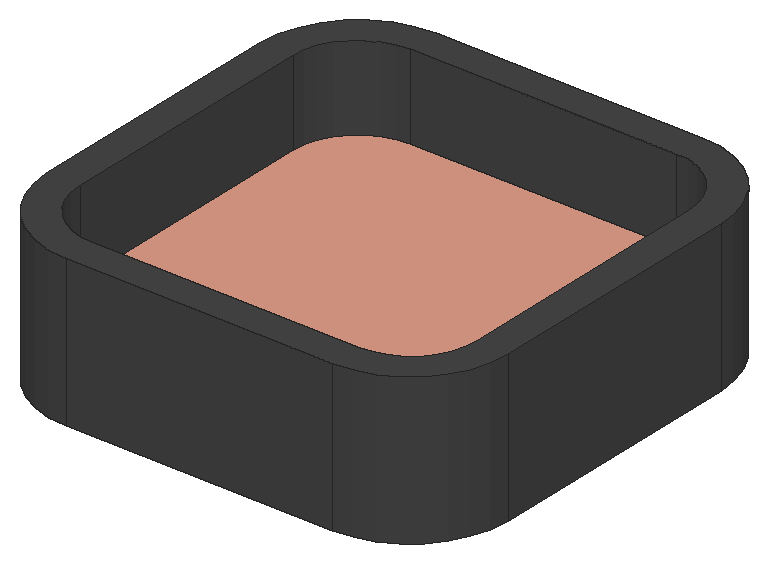
Revit family "VISS SQUARE LED LIGHT", category Lighting Fixtures, host Face, Revit 2020
Family settings
  Host = Face
  Round Connector Dimension = Use Diameter
  Part Type = Normal
  Cut with Voids When Loaded = No
  Light Source = Yes
  Shared = No
  Room Calculation Point = No
Parameters (values of type "VSI-S-LA-1514-30901-SMK-BK-NSAC-021 130")
  Wattage Comments = "15 W"
  Wattage = 7.06871 W
  built-in parameter 1150110 = 1 (stored number, unit not read)
  Voltage = "120-277 V"  # constant formula
  URL = "https://www.abovealllighting.com/Product/LED-INDOOR-FIXTURE/Pendant/VISSSQUARELEDLIGHT.html"
  Type Comments = "VISS SQUARE LED LIGHT"  # constant formula
  built-in parameter 1114217 = 1 (stored number, unit not read)
  Tilt Angle = -90.00°
  built-in parameter 1150109 = 1 (stored number, unit not read)
  built-in parameter 1150134 = (empty or 0)
  Surface Mount = yes
  built-in parameter 1150113 = 1 (stored number, unit not read)
  Surface Acoustic Body = yes
  Power Factor = 1  # constant formula
  Photometric Web File = "generic"
  Order number = "17645"
  built-in parameter 1150142 = (empty or 0)
  Model = "VSI-S-LA-1514-30901-SMK-BK-NSAC-021 130"
  Manufacturer = "Above All Lighting"  # constant formula
  built-in parameter 1150105 = 83.556 (stored number, unit not read)
  Lumens = 1050 lm
  built-in parameter 1150115 = 1 (stored number, unit not read)
  Load Classification = Lighting
  built-in parameter 1150137 = (empty or 0)
  built-in parameter 1150139 = (empty or 0)
  built-in parameter 1150112 = 1 (stored number, unit not read)
  built-in parameter 1150114 = 1 (stored number, unit not read)
  built-in parameter 1150132 = 2
  built-in parameter 1150102 = (empty or 0)
  built-in parameter 1150107 = 3000 (stored number, unit not read)
  built-in parameter 1150138 = (empty or 0)
  built-in parameter 1150106 = 0.83556 (stored number, unit not read)
  IP Rating = "20"  # constant formula
  H1 = sqrt((B2 ^ 2) + (Fixture Height ^ 2))  # 4' - 11.08136"
  Fixture Width = 1' - 2 51/256"
  Fixture Height = 4' - 11"
  Finish/Color = Black
  built-in parameter 1150104 = 13.8 (stored number, unit not read)
  Dimming Lamp Color Temperature Shift = <None>
  Dimming / Control = "0-10V"  # constant formula
  Description = "The Viss Series has an unique square and round style with an LED light source illuminating its inner surface."  # constant formula
  Default Elevation = 0' - 0"
  Color Filter = 16777215
  CRI = "90"  # constant formula
  built-in parameter 1114218 = 1 (stored number, unit not read)
  B2 = B1 - B  # 0' - 3.09961"
  B1 = (Fixture Width / 2) - 0' 0 1/2"  # 0' - 6.59961"
  B = 0' - 3 1/2"
  Average life based on 77F(HRS) = "50000"  # constant formula
  built-in parameter 1150133 = 10 (stored number, unit not read)
  Apparent Load = 18.75 VA
  Aircraft Cable Pendant Mount = no
  Acoustic Body = no
  Acoustic = Acoustic -130
Reference planes (in)
  plane 1 "Center (Front/Back)": y = 0
  plane 2: z = 0
  plane 3 "Center (Left/Right)": x = 0
  plane 4: z = 61
  plane 5: z = 64.5
  plane 6: z = 2
  plane 7: x = -3.5
  plane 8: x = -6.59961
  plane 9: x = 6.59961
  plane 10: x = 3.5
  plane 11: y = 6.59961
  plane 12: y = 3.5
  plane 13: y = -3.5
  plane 14: y = -6.59961
  plane 15: x = -7.09961
  plane 16: x = 7.09961
  plane 17: y = 7.09961
  plane 18: y = -7.09961
  plane 19: z = 4.6
Forms (in)
  Revolve 1, solid, material "Black" <- "Finish/Color", visible <- "Aircraft Cable Pendant Mount"
    sketch origin (0, 0, 0) x (1, 0, 0) y (0, 0, 1)
      loop
        line (0, 2) -> (-5, 2) -> (-5, 1.75) -> (-4.25, 1.75) -> (-4.25, 0) -> (-4, 0) -> (-4, 1.75) -> (0, 1.75) -> (0, 2)
      axis (0, 0) -> (0, 2)
    angle from 0 to 360
  Extrusion 2, void
    sketch origin (0, 0, 0) x (1, 0, 0) y (0, 0, 1)
      loop
        line (-0.04814, 0) -> (0.04814, 0) -> (0.04814, 0.24293) -> (-0.25396, 0.24293) -> (-0.25396, 0.1315) -> (-0.04814, 0.1315) -> (-0.04814, 0)
    from -4.57376 to 4.56585
  Extrusion 3, void
    sketch origin (-0.10686, -0.09896, 0) x (0, -1, 0) y (0, 0, 1)
      loop
        line (-0.04814, 0) -> (0.04814, 0) -> (0.04814, 0.24293) -> (-0.25396, 0.24293) -> (-0.25396, 0.1315) -> (-0.04814, 0.1315) -> (-0.04814, 0)
    from -4.57376 to 4.56585
  Extrusion 4, void
    sketch origin (0, 0, 0) x (1, 0, 0) y (0, 0, 1)
      loop
        arc (2.35724, 1.64379) -> (2.31993, 1.62833) -> (2.30447, 1.59102) r 0.05276
        line (2.30447, 1.59102) -> (2.30447, 1.19847)
        arc (2.30447, 1.19847) -> (2.32049, 1.1598) -> (2.35916, 1.14379) r 0.05469
        line (2.35916, 1.14379) -> (2.39167, 1.14379)
        arc (2.39167, 1.14379) -> (2.429, 1.15925) -> (2.44446, 1.19658) r 0.0528
        line (2.44446, 1.19658) -> (2.44446, 1.59043)
        arc (2.44446, 1.59043) -> (2.42884, 1.62816) -> (2.39111, 1.64379) r 0.05336
        line (2.39111, 1.64379) -> (2.35724, 1.64379)
      loop
        arc (2.57599, 1.64379) -> (2.53868, 1.62833) -> (2.52322, 1.59102) r 0.05276
        line (2.52322, 1.59102) -> (2.52322, 1.19847)
        arc (2.52322, 1.19847) -> (2.53924, 1.1598) -> (2.57791, 1.14379) r 0.05469
        line (2.57791, 1.14379) -> (2.61042, 1.14379)
        arc (2.61042, 1.14379) -> (2.64775, 1.15925) -> (2.66321, 1.19658) r 0.0528
        line (2.66321, 1.19658) -> (2.66321, 1.59043)
        arc (2.66321, 1.59043) -> (2.64759, 1.62816) -> (2.60986, 1.64379) r 0.05336
        line (2.60986, 1.64379) -> (2.57599, 1.64379)
      loop
        arc (2.79474, 1.64379) -> (2.75743, 1.62833) -> (2.74197, 1.59102) r 0.05276
        line (2.74197, 1.59102) -> (2.74197, 1.19847)
        arc (2.74197, 1.19847) -> (2.75799, 1.1598) -> (2.79666, 1.14379) r 0.05469
        line (2.79666, 1.14379) -> (2.82917, 1.14379)
        arc (2.82917, 1.14379) -> (2.8665, 1.15925) -> (2.88196, 1.19658) r 0.0528
        line (2.88196, 1.19658) -> (2.88196, 1.59043)
        arc (2.88196, 1.59043) -> (2.86634, 1.62816) -> (2.82861, 1.64379) r 0.05336
        line (2.82861, 1.64379) -> (2.79474, 1.64379)
      loop
        arc (3.0213, 1.64379) -> (2.98399, 1.62833) -> (2.96854, 1.59102) r 0.05276
        line (2.96854, 1.59102) -> (2.96854, 1.19847)
        arc (2.96854, 1.19847) -> (2.98455, 1.1598) -> (3.02322, 1.14379) r 0.05469
        line (3.02322, 1.14379) -> (3.05573, 1.14379)
        arc (3.05573, 1.14379) -> (3.09306, 1.15925) -> (3.10853, 1.19658) r 0.0528
        line (3.10853, 1.19658) -> (3.10853, 1.59043)
        arc (3.10853, 1.59043) -> (3.0929, 1.62816) -> (3.05517, 1.64379) r 0.05336
        line (3.05517, 1.64379) -> (3.0213, 1.64379)
    from 2.08517 to 3.80277
  Sweep 5, solid, material "Black" <- "Finish/Color", visible <- "Aircraft Cable Pendant Mount"
    path origin (0, 0, 0) x (1, 0, 0) y (0, 0, 1)
      loop
        line (-6.59961, 61) -> (-3.5, 2)
    profile origin (-5.0498, 0, 31.5) x (0.998623, 0, 0.052463) y (0, -1, 0)
      loop
        circle (0, 0) r 0.125
  Sweep 6, solid, material "Black" <- "Finish/Color", visible <- "Aircraft Cable Pendant Mount"
    path origin (0, 0, 0) x (0, -1, 0) y (0, 0, 1)
      loop
        line (-6.59961, 61) -> (-3.5, 2)
    profile origin (0, 5.0498, 31.5) x (0, -0.998623, 0.052463) y (-1, 0, 0)
      loop
        circle (0, 0) r 0.125
  Sweep 7, solid, material "Black" <- "Finish/Color", visible <- "Aircraft Cable Pendant Mount"
    path origin (0, 0, 0) x (-1, 0, 0) y (0, 0, 1)
      loop
        line (-6.59961, 61) -> (-3.5, 2)
    profile origin (5.0498, 0, 31.5) x (-0.998623, 0, 0.052463) y (0, 1, 0)
      loop
        circle (0, 0) r 0.125
  Sweep 8, solid, material "Black" <- "Finish/Color", visible <- "Aircraft Cable Pendant Mount"
    path origin (0, 0, 0) x (0, 1, 0) y (0, 0, 1)
      loop
        line (-6.59961, 61) -> (-3.5, 2)
    profile origin (0, -5.0498, 31.5) x (0, 0.998623, 0.052463) y (1, 0, 0)
      loop
        circle (0, 0) r 0.125
  Extrusion 9, solid, material "Black" <- "Finish/Color", visible <- "Aircraft Cable Pendant Mount"
    sketch origin (0, 0, 0) x (1, 0, 0) y (0, 1, 0)
      loop
        line (4.1, 7.09961) -> (-4.1, 7.09961)
        arc (-4.1, 7.09961) -> (-6.22104, 6.22104) -> (-7.09961, 4.1) r 2.99961
        line (-7.09961, 4.1) -> (-7.09961, -4.1)
        arc (-7.09961, -4.1) -> (-6.22104, -6.22104) -> (-4.1, -7.09961) r 2.99961
        line (-4.1, -7.09961) -> (4.1, -7.09961)
        arc (4.1, -7.09961) -> (6.22104, -6.22104) -> (7.09961, -4.1) r 2.99961
        line (7.09961, -4.1) -> (7.09961, 4.1)
        arc (7.09961, 4.1) -> (6.22104, 6.22104) -> (4.1, 7.09961) r 2.99961
      loop
        line (-6.09961, 4.1) -> (-6.09961, -4.1)
        arc (-6.09961, -4.1) -> (-5.51394, -5.51394) -> (-4.1, -6.09961) r 1.99961
        line (-4.1, -6.09961) -> (4.1, -6.09961)
        arc (4.1, -6.09961) -> (5.51394, -5.51394) -> (6.09961, -4.1) r 1.99961
        line (6.09961, -4.1) -> (6.09961, 4.1)
        arc (6.09961, 4.1) -> (5.51394, 5.51394) -> (4.1, 6.09961) r 1.99961
        line (4.1, 6.09961) -> (-4.1, 6.09961)
        arc (-4.1, 6.09961) -> (-5.51394, 5.51394) -> (-6.09961, 4.1) r 1.99961
    from 61 to 64.5
  Revolve 10, solid, material "Black" <- "Finish/Color", visible <- "Aircraft Cable Pendant Mount"
    sketch origin (0, 0, 0) x (1, 0, 0) y (0, 0, 1)
      loop
        line (-3.5, 2) -> (-3.5, 2.16128) -> (-3.65168, 2.16128) -> (-3.65168, 2.08363)
        arc (-3.65168, 2.08363) -> (-3.65924, 2.06538) -> (-3.6775, 2.05782) r 0.02581
        line (-3.6775, 2.05782) -> (-3.82033, 2.05782)
        arc (-3.82033, 2.05782) -> (-3.83844, 2.05032) -> (-3.84594, 2.03221) r 0.02561
        line (-3.84594, 2.03221) -> (-3.84594, 2) -> (-3.5, 2)
      axis (-3.5, 2.16128) -> (-3.5, 2)
    angle from 0 to 360
  Revolve 11, solid, material "Black" <- "Finish/Color", visible <- "Aircraft Cable Pendant Mount"
    sketch origin (0, 0, 0) x (-1, 0, 0) y (0, 0, 1)
      loop
        line (-3.5, 2) -> (-3.5, 2.16128) -> (-3.65168, 2.16128) -> (-3.65168, 2.08363)
        arc (-3.65168, 2.08363) -> (-3.65924, 2.06538) -> (-3.6775, 2.05782) r 0.02581
        line (-3.6775, 2.05782) -> (-3.82033, 2.05782)
        arc (-3.82033, 2.05782) -> (-3.83844, 2.05032) -> (-3.84594, 2.03221) r 0.02561
        line (-3.84594, 2.03221) -> (-3.84594, 2) -> (-3.5, 2)
      axis (-3.5, 2.16128) -> (-3.5, 2)
    angle from 0 to 360
  Revolve 12, solid, material "Black" <- "Finish/Color", visible <- "Aircraft Cable Pendant Mount"
    sketch origin (0, 0, 0) x (0, -1, 0) y (0, 0, -1)
      loop
        line (-3.5, -2) -> (-3.84594, -2) -> (-3.84594, -2.03221)
        arc (-3.84594, -2.03221) -> (-3.83844, -2.05032) -> (-3.82033, -2.05782) r 0.02561
        line (-3.82033, -2.05782) -> (-3.6775, -2.05782)
        arc (-3.6775, -2.05782) -> (-3.65924, -2.06538) -> (-3.65168, -2.08363) r 0.02581
        line (-3.65168, -2.08363) -> (-3.65168, -2.16128) -> (-3.5, -2.16128) -> (-3.5, -2)
      axis (-3.5, -2.16128) -> (-3.5, -2)
    angle from 0 to 360
  Revolve 13, solid, material "Black" <- "Finish/Color", visible <- "Aircraft Cable Pendant Mount"
    sketch origin (0, 0, 0) x (0, 1, 0) y (0, 0, 1)
      loop
        line (-3.5, 2) -> (-3.5, 2.16128) -> (-3.65168, 2.16128) -> (-3.65168, 2.08363)
        arc (-3.65168, 2.08363) -> (-3.65924, 2.06538) -> (-3.6775, 2.05782) r 0.02581
        line (-3.6775, 2.05782) -> (-3.82033, 2.05782)
        arc (-3.82033, 2.05782) -> (-3.83844, 2.05032) -> (-3.84594, 2.03221) r 0.02561
        line (-3.84594, 2.03221) -> (-3.84594, 2) -> (-3.5, 2)
      axis (-3.5, 2.16128) -> (-3.5, 2)
    angle from 0 to 360
  Extrusion 14, solid, material "Acoustic -130" <- "Acoustic", visible <- "Acoustic Body"
    sketch origin (0, 0, 0) x (1, 0, 0) y (0, 1, 0)
      loop
        line (-6.09961, 4.1) -> (-6.09961, -4.1)
        arc (-6.09961, -4.1) -> (-5.51394, -5.51394) -> (-4.1, -6.09961) r 1.99961
        line (-4.1, -6.09961) -> (4.1, -6.09961)
        arc (4.1, -6.09961) -> (5.51394, -5.51394) -> (6.09961, -4.1) r 1.99961
        line (6.09961, -4.1) -> (6.09961, 4.1)
        arc (6.09961, 4.1) -> (5.51394, 5.51394) -> (4.1, 6.09961) r 1.99961
        line (4.1, 6.09961) -> (-4.1, 6.09961)
        arc (-4.1, 6.09961) -> (-5.51394, 5.51394) -> (-6.09961, 4.1) r 1.99961
    from 61 to 63
  Revolve 15, solid, material "Black" <- "Finish/Color", visible <- "Aircraft Cable Pendant Mount"
    sketch origin (0, 0, 0) x (1, 0, 0) y (0, 0, 1)
      loop
        line (-6.59961, 61) -> (-6.76252, 61) -> (-6.76252, 60.75) -> (-6.59961, 60.75) -> (-6.59961, 61)
      axis (-6.59961, 61) -> (-6.59961, 60.75)
    angle from 0 to 360
  Revolve 16, solid, material "Black" <- "Finish/Color", visible <- "Aircraft Cable Pendant Mount"
    sketch origin (0, 0, 0) x (-1, 0, 0) y (0, 0, 1)
      loop
        line (-6.59961, 61) -> (-6.76252, 61) -> (-6.76252, 60.75) -> (-6.59961, 60.75) -> (-6.59961, 61)
      axis (-6.59961, 61) -> (-6.59961, 60.75)
    angle from 0 to 360
  Revolve 17, solid, material "Black" <- "Finish/Color", visible <- "Aircraft Cable Pendant Mount"
    sketch origin (0, 0, 0) x (0, -1, 0) y (0, 0, 1)
      loop
        line (-6.59961, 61) -> (-6.76252, 61) -> (-6.76252, 60.75) -> (-6.59961, 60.75) -> (-6.59961, 61)
      axis (-6.59961, 61) -> (-6.59961, 60.75)
    angle from 0 to 360
  Revolve 18, solid, material "Black" <- "Finish/Color", visible <- "Aircraft Cable Pendant Mount"
    sketch origin (0, 0, 0) x (0, 1, 0) y (0, 0, -1)
      loop
        line (-6.59961, -61) -> (-6.59961, -60.75) -> (-6.76252, -60.75) -> (-6.76252, -61) -> (-6.59961, -61)
      axis (-6.59961, -61) -> (-6.59961, -60.75)
    angle from 0 to 360
  Extrusion 19, solid, material "Black" <- "Finish/Color", visible <- "Surface Mount"
    sketch origin (0, 0, -52.5) x (1, 0, 0) y (0, 1, 0)
      loop
        line (4.1, 7.09961) -> (-4.1, 7.09961)
        arc (-4.1, 7.09961) -> (-6.22104, 6.22104) -> (-7.09961, 4.1) r 2.99961
        line (-7.09961, 4.1) -> (-7.09961, -4.1)
        arc (-7.09961, -4.1) -> (-6.22104, -6.22104) -> (-4.1, -7.09961) r 2.99961
        line (-4.1, -7.09961) -> (4.1, -7.09961)
        arc (4.1, -7.09961) -> (6.22104, -6.22104) -> (7.09961, -4.1) r 2.99961
        line (7.09961, -4.1) -> (7.09961, 4.1)
        arc (7.09961, 4.1) -> (6.22104, 6.22104) -> (4.1, 7.09961) r 2.99961
      loop
        line (-6.09961, 4.1) -> (-6.09961, -4.1)
        arc (-6.09961, -4.1) -> (-5.51394, -5.51394) -> (-4.1, -6.09961) r 1.99961
        line (-4.1, -6.09961) -> (4.1, -6.09961)
        arc (4.1, -6.09961) -> (5.51394, -5.51394) -> (6.09961, -4.1) r 1.99961
        line (6.09961, -4.1) -> (6.09961, 4.1)
        arc (6.09961, 4.1) -> (5.51394, 5.51394) -> (4.1, 6.09961) r 1.99961
        line (4.1, 6.09961) -> (-4.1, 6.09961)
        arc (-4.1, 6.09961) -> (-5.51394, 5.51394) -> (-6.09961, 4.1) r 1.99961
    from 52.5 to 57.1
  Extrusion 20, solid, material "Acoustic -130" <- "Acoustic", visible <- "Surface Acoustic Body"
    sketch origin (0, 0, -52.5) x (1, 0, 0) y (0, 1, 0)
      loop
        line (-6.09961, 4.1) -> (-6.09961, -4.1)
        arc (-6.09961, -4.1) -> (-5.51394, -5.51394) -> (-4.1, -6.09961) r 1.99961
        line (-4.1, -6.09961) -> (4.1, -6.09961)
        arc (4.1, -6.09961) -> (5.51394, -5.51394) -> (6.09961, -4.1) r 1.99961
        line (6.09961, -4.1) -> (6.09961, 4.1)
        arc (6.09961, 4.1) -> (5.51394, 5.51394) -> (4.1, 6.09961) r 1.99961
        line (4.1, 6.09961) -> (-4.1, 6.09961)
        arc (-4.1, 6.09961) -> (-5.51394, 5.51394) -> (-6.09961, 4.1) r 1.99961
    from 52.5 to 54.5
Cuts and joins
  Extrusion 2, Extrusion 3, Extrusion 4 cuts Revolve 1
Dimensions and locks (in)
  locked: plane 5 to plane 4 at 3.5
  locked: plane 6 to plane 2 at 2
  locked: Revolve 1 sketch curve to Revolve 1 sketch curve at 0.25  (x2)
  locked: plane 3 "Center (Left/Right)" to Revolve 1 sketch curve at 5
  "Fixture Height": plane 4 to plane 6
  "B1": plane 3 "Center (Left/Right)" to plane 8
  "B": plane 3 "Center (Left/Right)" to plane 7
  "H1": Sweep 5 sketch curve to Sweep 5 sketch curve
  "H1": Sweep 6 sketch curve to Sweep 6 sketch curve
  "H1": Sweep 7 sketch curve to Sweep 7 sketch curve
  "H1": Sweep 8 sketch curve to Sweep 8 sketch curve
  "B": plane 10 to plane 3 "Center (Left/Right)"
  "B1": plane 9 to plane 3 "Center (Left/Right)"
  "B": plane 12 to plane 1 "Center (Front/Back)"
  "B1": plane 11 to plane 1 "Center (Front/Back)"
  "B1": plane 1 "Center (Front/Back)" to plane 14
  "B": plane 1 "Center (Front/Back)" to plane 13
  locked: Extrusion 9 sketch curve to Extrusion 9 sketch curve at 1  (x4)
  equal spacing: plane 15, plane 3 "Center (Left/Right)", plane 16
  "Fixture Width": plane 15 to plane 16
  equal spacing: plane 17, plane 1 "Center (Front/Back)", plane 18
  "Fixture Width": plane 17 to plane 18
  locked: Extrusion 9 to Extrusion 9 at 1  (x4)
  locked: Extrusion 9 to Extrusion 9 at 3.5
  locked: Extrusion 14 to Extrusion 14 at 2
  locked: Revolve 15 sketch curve to Revolve 15 sketch curve at 0.16291
  locked: Revolve 15 sketch curve to Revolve 15 sketch curve at 0.25
  locked: Revolve 16 sketch curve to Revolve 16 sketch curve at 0.16291
  locked: Revolve 16 sketch curve to Revolve 16 sketch curve at 0.25
  locked: Revolve 17 sketch curve to Revolve 17 sketch curve at 0.16291
  locked: Revolve 17 sketch curve to Revolve 17 sketch curve at 0.25
  locked: Revolve 18 sketch curve to Revolve 18 sketch curve at 0.16291
  locked: Revolve 18 sketch curve to Revolve 18 sketch curve at 0.25
  locked: Extrusion 19 sketch curve to Extrusion 19 sketch curve at 1  (x4)
  locked: Extrusion 19 to Extrusion 19 at 1  (x4)
  Extrusion 19 to Extrusion 19 = 0' - 4.6"
  locked: Extrusion 20 to Extrusion 20 at 2
  locked: plane 19 to plane 2 at 4.6
  aligned and locked: plane 2 to host face
  aligned and locked: level to host face
  aligned and locked: plane 3 "Center (Left/Right)" to Revolve 1 sketch curve  (x2)
  aligned and locked: plane 6 to Revolve 1 sketch curve
  aligned and locked: plane 6 to Sweep 7 sketch curve
  aligned and locked: plane 4 to Sweep 7 sketch curve
  aligned and locked: plane 9 to Sweep 7 sketch curve
  aligned and locked: plane 14 to Sweep 8 sketch curve
  aligned and locked: plane 13 to Sweep 8 sketch curve
  aligned and locked: plane 6 to Sweep 8 sketch curve
  aligned and locked: plane 6 to Sweep 6 sketch curve
  aligned and locked: plane 11 to Sweep 6 sketch curve
  aligned and locked: plane 4 to Sweep 6 sketch curve
  aligned and locked: plane 7 to Sweep 5 sketch curve
  aligned and locked: plane 6 to Sweep 5 sketch curve
  aligned and locked: Extrusion 9 to plane 4
  aligned and locked: plane 5 to Extrusion 9
  aligned and locked: Extrusion 9 to plane 15
  aligned and locked: plane 16 to Extrusion 9
  aligned and locked: Extrusion 9 to plane 18
  aligned and locked: plane 17 to Extrusion 9
  aligned and locked: plane 7 to Revolve 10 sketch curve
  aligned and locked: Revolve 10 to plane 6
  aligned and locked: plane 6 to Revolve 11
  aligned and locked: Revolve 13 to plane 6  (x2)
  aligned and locked: plane 6 to Revolve 12
  aligned and locked: Extrusion 9 to plane 5  (x8)
  aligned and locked: Extrusion 14 to plane 4
  aligned and locked: Extrusion 9 to Extrusion 14 sketch curve
  aligned and locked: Extrusion 14 sketch curve to Extrusion 9  (x3)
  aligned and locked: plane 8 to Revolve 15 sketch curve
  aligned and locked: plane 4 to Revolve 15 sketch curve
  aligned and locked: Revolve 15 sketch curve to plane 8
  aligned and locked: plane 9 to Revolve 16 sketch curve
  aligned and locked: Revolve 16 sketch curve to plane 9
  aligned and locked: Revolve 17 sketch curve to plane 11
  aligned and locked: plane 11 to Revolve 17 sketch curve
  aligned and locked: Revolve 17 to plane 4
  aligned and locked: Revolve 18 sketch curve to plane 4
  aligned and locked: plane 14 to Revolve 18 sketch curve
  aligned and locked: Revolve 18 sketch curve to plane 14
  aligned and locked: plane 4 to Revolve 17 sketch curve
  aligned and locked: Revolve 16 sketch curve to plane 4
  aligned and locked: Extrusion 19 to Extrusion 20 sketch curve
  aligned and locked: Extrusion 20 sketch curve to Extrusion 19  (x3)
  aligned and locked: Extrusion 19 to plane 2
  aligned and locked: Extrusion 20 to plane 2
  aligned and locked: plane 19 to Extrusion 19
  aligned and locked: plane 4 to imposter light
  aligned and locked: plane 3 "Center (Left/Right)" to imposter light
Automatic sketch dimensions
  host sketch curve to host sketch curve = 8' - 0"  (x2)
  Revolve 1 sketch curve to level = 0' - 0"  (x2)
  plane 7 to Revolve 1 sketch curve = 0' - 0 3/4"
  Revolve 1 sketch curve to plane 6 = 0' - 0 1/4"
  Revolve 1 sketch curve to Revolve 1 sketch curve = 0' - 0.62293"
  Extrusion 2 sketch curve to level = 0' - 0"
  Extrusion 2 sketch curve to plane 3 "Center (Left/Right)" = 0' - 0.25396"
  Extrusion 2 sketch curve to plane 3 "Center (Left/Right)" = 0' - 0.04814"
  plane 3 "Center (Left/Right)" to Extrusion 2 sketch curve = 0' - 0.04814"
  level to Extrusion 2 sketch curve = 0' - 0.1315"
  Extrusion 2 sketch curve to Extrusion 2 sketch curve = 0' - 0.11143"
  Extrusion 3 sketch curve to level = 0' - 0"
  Extrusion 3 sketch curve to plane 1 "Center (Front/Back)" = 0' - 0.155"
  plane 1 "Center (Front/Back)" to Extrusion 3 sketch curve = 0' - 0.05082"
  plane 1 "Center (Front/Back)" to Extrusion 3 sketch curve = 0' - 0.1471"
  level to Extrusion 3 sketch curve = 0' - 0.1315"
  Extrusion 3 sketch curve to Extrusion 3 sketch curve = 0' - 0.11143"
  Extrusion 4 sketch curve to plane 10 = 0' - 1.19553"
  Extrusion 4 sketch curve to Extrusion 4 sketch curve = 0' - 0.05276"  (x4)
  Extrusion 4 sketch curve to Extrusion 4 sketch curve = 0' - 0 7/128"  (x6)
  Extrusion 4 sketch curve to Extrusion 4 sketch curve = 0' - 0.03387"  (x4)
  Extrusion 4 sketch curve to Extrusion 4 sketch curve = 0' - 0.0325"  (x4)
  Extrusion 4 sketch curve to Extrusion 4 sketch curve = 0' - 0.05336"  (x3)
  Extrusion 4 sketch curve to Extrusion 4 sketch curve = 0' - 0.07876"  (x2)
  Extrusion 4 sketch curve to Extrusion 4 sketch curve = 0' - 0.0528"  (x2)
  Extrusion 4 sketch curve to Extrusion 4 sketch curve = 0' - 0.08657"
  Extrusion 4 sketch curve to plane 6 = 0' - 0.85621"
  Extrusion 4 sketch curve to Extrusion 4 sketch curve = 0' - 0.39384"
  Extrusion 4 sketch curve to Extrusion 4 sketch curve = 0' - 0.0006"  (x3)
  Sweep 5 sketch curve to plane 4 = 0' - 0"
  Sweep 5 sketch curve to plane 1 "Center (Front/Back)" = 0' - 0"
  Sweep 5 sketch curve to profile plane = 0' - 0"
  profile plane to Sweep 6 sketch curve = 0' - 0"
  Sweep 6 sketch curve to profile plane = 0' - 0"
  Sweep 7 sketch curve to profile plane = 0' - 0"
  profile plane to Sweep 7 sketch curve = 0' - 0"
  Sweep 8 sketch curve to profile plane = 0' - 0"  (x2)
  Extrusion 9 sketch curve to Extrusion 9 sketch curve = 0' - 0"  (x8)
  Extrusion 9 sketch curve to plane 15 = 0' - 0"
  Extrusion 9 sketch curve to plane 18 = 0' - 0"
  Extrusion 9 sketch curve to plane 17 = 0' - 0"
  Extrusion 9 sketch curve to plane 16 = 0' - 0"
  plane 7 to Extrusion 9 sketch curve = 0' - 0.6"  (x2)
  plane 10 to Extrusion 9 sketch curve = 0' - 0.6"  (x2)
  Revolve 10 sketch curve to plane 6 = 0' - 0"
  plane 7 to Revolve 10 sketch curve = 0' - 0"
  plane 7 to Revolve 10 sketch curve = 0' - 0.15168"
  Revolve 10 sketch curve to Revolve 10 sketch curve = 0' - 0.02581"
  plane 6 to Revolve 10 sketch curve = 0' - 0.03221"
  Revolve 10 sketch curve to Revolve 10 sketch curve = 0' - 0.14283"
  Revolve 10 sketch curve to Revolve 10 sketch curve = 0' - 0.02561"
  Revolve 10 sketch curve to Revolve 10 sketch curve = 0' - 0.16128"
  Revolve 10 sketch curve to plane 6 = 0' - 0.10242"
  Revolve 10 sketch curve to Revolve 10 sketch curve = 0' - 0.04868"
  Revolve 11 sketch curve to plane 6 = 0' - 0"
  Revolve 11 sketch curve to plane 10 = 0' - 0"  (x2)
  Revolve 11 sketch curve to plane 10 = 0' - 0.15168"
  Revolve 11 sketch curve to Revolve 11 sketch curve = 0' - 0.02581"
  Revolve 11 sketch curve to plane 6 = 0' - 0.03221"
  Revolve 11 sketch curve to Revolve 11 sketch curve = 0' - 0.14283"
  Revolve 11 sketch curve to Revolve 11 sketch curve = 0' - 0.02561"
  Revolve 11 sketch curve to Revolve 11 sketch curve = 0' - 0.16128"
  plane 6 to Revolve 11 sketch curve = 0' - 0.10242"
  Revolve 11 sketch curve to Revolve 11 sketch curve = 0' - 0.04868"
  Revolve 12 sketch curve to plane 6 = 0' - 0"
  Revolve 12 sketch curve to plane 12 = 0' - 0"  (x2)
  Revolve 12 sketch curve to plane 12 = 0' - 0.15168"
  Revolve 12 sketch curve to Revolve 12 sketch curve = 0' - 0.02581"
  plane 6 to Revolve 12 sketch curve = 0' - 0.03221"
  Revolve 12 sketch curve to Revolve 12 sketch curve = 0' - 0.14283"
  Revolve 12 sketch curve to Revolve 12 sketch curve = 0' - 0.02561"
  Revolve 12 sketch curve to Revolve 12 sketch curve = 0' - 0.07765"
  Revolve 12 sketch curve to Revolve 12 sketch curve = 0' - 0.04868"
  Revolve 12 sketch curve to plane 6 = 0' - 0.10242"
  Revolve 13 sketch curve to plane 6 = 0' - 0"
  Revolve 13 sketch curve to plane 13 = 0' - 0"  (x2)
  Revolve 13 sketch curve to plane 13 = 0' - 0.15168"
  Revolve 13 sketch curve to Revolve 13 sketch curve = 0' - 0.02581"
  plane 6 to Revolve 13 sketch curve = 0' - 0.03221"
  Revolve 13 sketch curve to Revolve 13 sketch curve = 0' - 0.14283"
  Revolve 13 sketch curve to Revolve 13 sketch curve = 0' - 0.02561"
  Revolve 13 sketch curve to Revolve 13 sketch curve = 0' - 0.16128"
  Revolve 13 sketch curve to plane 6 = 0' - 0.10242"
  Revolve 13 sketch curve to Revolve 13 sketch curve = 0' - 0.04868"
  plane 7 to Extrusion 14 sketch curve = 0' - 0.6"  (x2)
  plane 10 to Extrusion 14 sketch curve = 0' - 0.6"  (x2)
  Revolve 15 sketch curve to Revolve 15 sketch curve = 0' - 0.13979"
  Revolve 15 sketch curve to Revolve 15 sketch curve = 0' - 0.0747"
  Revolve 16 sketch curve to Revolve 16 sketch curve = 0' - 0.13979"
  Revolve 16 sketch curve to Revolve 16 sketch curve = 0' - 0.0747"
  Revolve 17 sketch curve to Revolve 17 sketch curve = 0' - 0.13979"
  Revolve 17 sketch curve to Revolve 17 sketch curve = 0' - 0.0747"
  Revolve 18 sketch curve to Revolve 18 sketch curve = 0' - 0.0747"
  Revolve 18 sketch curve to Revolve 18 sketch curve = 0' - 0.13979"
  Extrusion 19 sketch curve to Extrusion 19 sketch curve = 0' - 0"  (x8)
  Extrusion 19 sketch curve to plane 15 = 0' - 0"
  Extrusion 19 sketch curve to plane 18 = 0' - 0"
  Extrusion 19 sketch curve to plane 17 = 0' - 0"
  Extrusion 19 sketch curve to plane 16 = 0' - 0"
  plane 7 to Extrusion 19 sketch curve = 0' - 0.6"  (x2)
  plane 10 to Extrusion 19 sketch curve = 0' - 0.6"  (x2)
  plane 7 to Extrusion 20 sketch curve = 0' - 0.6"  (x2)
  plane 10 to Extrusion 20 sketch curve = 0' - 0.6"  (x2)
  radius of Sweep 5 sketch curve = 0' - 0 1/8"
  radius of Sweep 6 sketch curve = 0' - 0 1/8"
  radius of Sweep 7 sketch curve = 0' - 0 1/8"
  radius of Sweep 8 sketch curve = 0' - 0 1/8"
Connectors (in)
  electrical at (0, 0, 0), driven by "Load Classification", driven by "Apparent Load", driven by "Power Factor"
    settings: on host face, index 1, voltage 0 V, apparent load 18.75 VA, apparent load phase1 0 VA, apparent load phase2 0 VA, apparent load phase3 0 VA, power factor 1, load classification "Lighting", number of poles 1, system type 30, power factor state 1, is connector primary yes, connector utility no, sub classification motor no, connector description ""
Types (65): name | Wattage Comments | Wattage | built-in parameter 1150134 | Surface Mount | Surface Acoustic Body | Photometric Web File | Order number | built-in parameter 1150142 | Model | built-in parameter 1150105 | Lumens | built-in parameter 1150107 | built-in parameter 1150106 | H1 | Fixture Width | Finish/Color | B2 | B1 | Apparent Load | Aircraft Cable Pendant Mount | Acoustic Body
  (no name) | "15 W" | 7.06871 W | (empty or 0) | yes | yes | "generic" | "17645" | (empty or 0) | "VSI-S-LA-1514-30901-SMK-BK-NSAC-021 130" | 83.556 (stored number, unit not read) | 1050 lm | 3000 (stored number, unit not read) | 0.83556 (stored number, unit not read) | 4' - 11.08136" | 1' - 2 51/256" | Black | 0' - 3.09961" | 0' - 6.59961" | 18.75 VA | no | no
  VSI-S-1514-30901-ACPMK-WH | "15 W" | 7.06871 W | (empty or 0) | no | no | "generic" | "17486" | (empty or 0) | "VSI-S-1514-30901-ACPMK-WH" | 83.556 (stored number, unit not read) | 1050 lm | 3000 (stored number, unit not read) | 0.83556 (stored number, unit not read) | 4' - 11.08136" | 1' - 2 51/256" | White | 0' - 3.09961" | 0' - 6.59961" | 18.75 VA | yes | no
  VSI-S-2518-30901-ACPMK-WH | "25 W" | 11.7812 W | (empty or 0) | no | no | "generic" | "17487" | (empty or 0) | "VSI-S-2518-30901-ACPMK-WH" | 139.26 (stored number, unit not read) | 1750 lm | 3000 (stored number, unit not read) | 1.3926 (stored number, unit not read) | 4' - 11.19898" | 1' - 5 179/256" | White | 0' - 4.84961" | 0' - 8.34961" | 31.25 VA | yes | no
  VSI-S-3624-30901-ACPMK-WH | "36 W" | 16.9649 W | (empty or 0) | no | no | "generic" | "17488" | (empty or 0) | "VSI-S-3624-30901-ACPMK-WH" | 200.54 (stored number, unit not read) | 2520 lm | 3000 (stored number, unit not read) | 2.0054 (stored number, unit not read) | 4' - 11.51346" | 1' - 11 77/128" | White | 0' - 7 205/256" | 0' - 11 77/256" | 31.25 VA | yes | no
  VSI-S-5032-30901-ACPMK-WH | "50 W" | 23.5624 W | (empty or 0) | no | no | "generic" | "17489" | (empty or 0) | "VSI-S-5032-30901-ACPMK-WH" | 278.52 (stored number, unit not read) | 3500 lm | 3000 (stored number, unit not read) | 2.7852 (stored number, unit not read) | 5' - 0.15864" | 2' - 7 1/2" | White | 0' - 11 3/4" | 1' - 3 1/4" | 62.5 VA | yes | no
  VSI-S-1514-30901-ACPMK-BK | "15 W" | 7.06871 W | (empty or 0) | no | no | "generic" | "17490" | (empty or 0) | "VSI-S-1514-30901-ACPMK-BK" | 83.556 (stored number, unit not read) | 1050 lm | 3000 (stored number, unit not read) | 0.83556 (stored number, unit not read) | 4' - 11.08136" | 1' - 2 51/256" | Black | 0' - 3.09961" | 0' - 6.59961" | 18.75 VA | yes | no
  VSI-S-2518-30901-ACPMK-BK | "25 W" | 11.7812 W | (empty or 0) | no | no | "generic" | "17491" | (empty or 0) | "VSI-S-2518-30901-ACPMK-BK" | 139.26 (stored number, unit not read) | 1750 lm | 3000 (stored number, unit not read) | 1.3926 (stored number, unit not read) | 4' - 11.19898" | 1' - 5 179/256" | Black | 0' - 4.84961" | 0' - 8.34961" | 31.25 VA | yes | no
  VSI-S-3624-30901-ACPMK-BK | "36 W" | 16.9649 W | (empty or 0) | no | no | "generic" | "17492" | (empty or 0) | "VSI-S-3624-30901-ACPMK-BK" | 200.54 (stored number, unit not read) | 2520 lm | 3000 (stored number, unit not read) | 2.0054 (stored number, unit not read) | 4' - 11.51346" | 1' - 11 77/128" | Black | 0' - 7 205/256" | 0' - 11 77/256" | 31.25 VA | yes | no
  VSI-S-5032-30901-ACPMK-BK | "50 W" | 23.5624 W | (empty or 0) | no | no | "generic" | "17493" | (empty or 0) | "VSI-S-5032-30901-ACPMK-BK" | 278.52 (stored number, unit not read) | 3500 lm | 3000 (stored number, unit not read) | 2.7852 (stored number, unit not read) | 5' - 0.15864" | 2' - 7 1/2" | Black | 0' - 11 3/4" | 1' - 3 1/4" | 62.5 VA | yes | no
  VSI-S-1514-40901-ACPMK-WH | "15 W" | 7.06871 W | 12 | no | no | "generic" | "17494" | (empty or 0) | "VSI-S-1514-40901-ACPMK-WH" | 83.556 (stored number, unit not read) | 1050 lm | 4000 (stored number, unit not read) | 0.83556 (stored number, unit not read) | 4' - 11.08136" | 1' - 2 51/256" | White | 0' - 3.09961" | 0' - 6.59961" | 18.75 VA | yes | no
  VSI-S-2518-40901-ACPMK-WH | "25 W" | 11.7812 W | 12 | no | no | "generic" | "17495" | (empty or 0) | "VSI-S-2518-40901-ACPMK-WH" | 139.26 (stored number, unit not read) | 1750 lm | 4000 (stored number, unit not read) | 1.3926 (stored number, unit not read) | 4' - 11.19898" | 1' - 5 179/256" | White | 0' - 4.84961" | 0' - 8.34961" | 31.25 VA | yes | no
